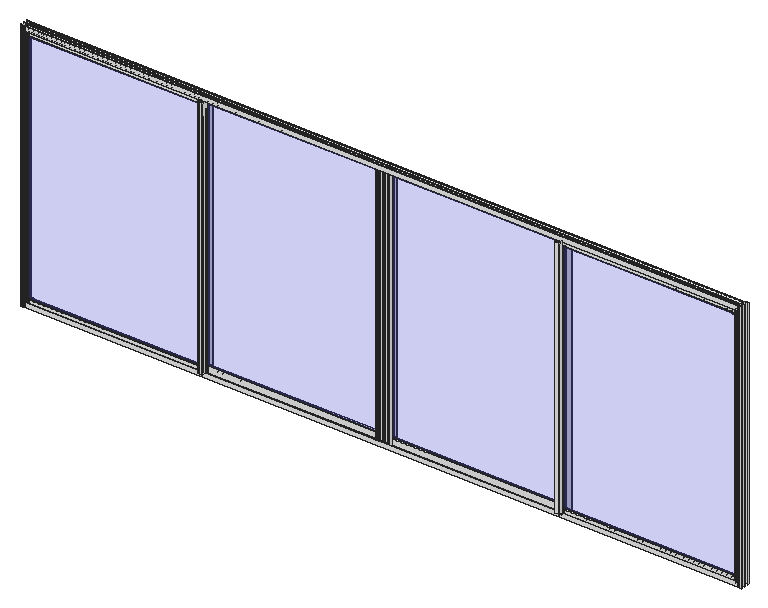
Revit family "700_OXXO_Standard", category Doors, host Wall, Revit 2014
Parameters (values of type "700-6021OXXO-1500Pa")
  Windload Design = if(Custom Windload < 1001 mm, 1000 mm, if(Custom Windload < 1501 mm, 1500 mm, 2000 mm))  # 1500 mm
  Width Sash Side [instance] = 1499.95 mm
  Width Sash Middle [instance] = 1499.95 mm
  Width = if(Custom Door Width < Limit Door Width Min, Limit Door Width Min, if(Custom Door Width > Limit Door Width Max, Limit Door Width Max, Custom Door Width))  # 5983 mm
  Wall Thickness [instance] = 200 mm
  URL = "http://www.crealco.co.za/crealco-products.php"
  Toughened Safety U Value = 6.03
  Toughened Safety SHGC Value = 0.758
  Thermal Resistance (R) [instance] = if(IGDB or SAGDB Number = 100100, 1.0000 (m²·K)/W / Intruderprufe U Value, if(IGDB or SAGDB Number = 103200, 1.0000 (m²·K)/W / Intruderprufe LowE U Value, if(IGDB or SAGDB Number = 1000016, 1.0000 (m²·K)/W / Toughened Safety U Value, 1.0000 (m²·K)/W / 7.9))) * 1  # 0.126582 (m²·K)/W
  Solar Heat Gain Coefficient [instance] = if(IGDB or SAGDB Number = 100100, Intruderprufe SHGC Value, if(IGDB or SAGDB Number = 103200, Intruderprufe LowE SHGC Value, if(IGDB or SAGDB Number = 1000016, Toughened Safety SHGC Value, 0)))  # 0
  Sash Width Middle = (Width - (20.7 mm * 2) - (2 * Sash Width Sides)) / 2 + 29.1 mm  # 1499.95 mm
  Sash Width Sides = if(Equal Sash Width, (Width - (2 mm * 20.7)) / 4 + (29.1 mm / 2), if(Custom Sash Width Side < Limit Sash Width Side Min, Limit Sash Width Side Min, if(Custom Sash Width Side > Limit Sash Width Side Max, Limit Sash Width Side Max, Custom Sash Width Side)))  # 1499.95 mm
  Sash Sliding Frame Seal = 5.1 mm  # constant formula
  Sash Height = Height - 22.2 mm - 20 mm  # 2047.8 mm
  Sash Frame Top Gap = 16 mm  # constant formula
  Sash Frame Side Gap = 10 mm  # constant formula
  Sash Frame Seal = 1.8 mm  # constant formula
  Overall Width [instance] = 5983 mm
  Overall Height [instance] = 2090 mm
  Model = "Series 700"  # constant formula
  Meeting Stile Configuration = if(Windload Design = 1000 mm, if(not(Width > 4190 mm), 1 mm, 2 mm), if(Windload Design = 1500 mm, 2 mm, 2 mm))  # 2 mm
  Max Pane Area = if(Area Middle Sash Glazing > Area Side Sash Glazing, Area Middle Sash Glazing, Area Side Sash Glazing)  # 2.84847 m²
  Manufacturer = "Crealco"  # constant formula
  Limit Door Width Min = (4 * Limit Sash Width Min) + (2 mm * 20.7) - (2 * 29.2 mm)  # 1183 mm
  Limit Door Width Max = if(Windload Design = 1000 mm, (4 * Limit Sash Width Max) + (2 mm * 20.7) - (2 * 29.2 mm), if(Windload Design = 1500 mm, (4 * Limit Sash Width Max) + (2 mm * 20.7) - (2 * 29.2 mm), 3590 mm))  # 5983 mm
  Limit Door Height Min = Limit Sash Height Min + (22.2 mm + 20 mm)  # 342.2 mm
  Limit Door Height Max = Limit Sash Height Max + (22.2 mm + 20 mm)  # 2142.2 mm
  Limit Sash Width Min = 300 mm  # constant formula
  Limit Sash Width Max = 1500 mm  # constant formula
  Limit Sash Width Side Min = if((Width - (2 mm * 20.7) - (2 * Limit Sash Width Max) + (2 * 29.2 mm)) / 2 < Limit Sash Width Min, Limit Sash Width Min, (Width - (2 mm * 20.7) - (2 * Limit Sash Width Max) + (2 * 29.2 mm)) / 2)  # 1500 mm
  Limit Sash Width Side Max = if((Width - (2 mm * 20.7) - (2 * Limit Sash Width Min) + (2 * 29.2 mm)) / 2 > Limit Sash Width Max, Limit Sash Width Max, (Width - (2 mm * 20.7) - (2 * Limit Sash Width Min) + (2 mm * 29.2)) / 2)  # 1500 mm
  Limit Sash Height Min = 300 mm  # constant formula
  Limit Sash Height Max = 2100 mm  # constant formula
  Intruderprufe U Value [instance] = 5.94
  Intruderprufe SHGC Value = 0.718
  Intruderprufe LowE U Value = 4.29
  Intruderprufe LowE SHGC Value = 0.633
  Interlock Configuration = if(Windload Design = 1000 mm, if(not(Width > 3990 mm), 2 mm, 3 mm), if(Windload Design = 1500 mm, 3 mm, 3 mm))  # 3 mm
  IGDB or SAGDB Number [instance] = 0
  Height Sash [instance] = 2047.8 mm
  Height = if(Custom Door Height < Limit Door Height Min, Limit Door Height Min, if(Custom Door Height > Limit Door Height Max, Limit Door Height Max, Custom Door Height))  # 2090 mm
  Heat Transfer Coefficient (U) [instance] = if(IGDB or SAGDB Number = 100100, Intruderprufe U Value, if(IGDB or SAGDB Number = 103200, Intruderprufe LowE U Value, if(IGDB or SAGDB Number = 1000016, Toughened Safety U Value, 7.9))) * 1.0000 W/(m²·K)  # 7.9000 W/(m²·K)
  Glazing Thickness [instance] = if(IGDB or SAGDB Number = 100100, 6 mm, if(IGDB or SAGDB Number = 103200, 7 mm, if(IGDB or SAGDB Number = 1000016, 5 mm, if(not(Max Pane Area > 0.75 m²), 4 mm, if(not(Max Pane Area > 1.50 m²), 4 mm, if(not(Max Pane Area > 2.10 m²), 5 mm, if(not(Max Pane Area > 2.90 m²), 6.4 mm, if(not(Max Pane Area > 4.30 m²), 8 mm, 10 mm))))))))  # 6.4 mm
  Glazing Material [instance] = if(IGDB or SAGDB Number = 100100, "PFG INTRUDERPRUFE 6.38mm", if(IGDB or SAGDB Number = 103200, "PFG INTRUDERPRUFE LOW-E 7.38mm", if(IGDB or SAGDB Number = 1000016, "PFG TOUGHENED SAFETY GLASS 5mm", "Unknown")))  # "Unknown"
  Glazing Finish [instance] = Glass
  Glazing Code [instance] = if(IGDB or SAGDB Number = 100100, "LAM01", if(IGDB or SAGDB Number = 103200, "LAM01E", if(IGDB or SAGDB Number = 1000016, "TSG5", "Unknown")))  # "Unknown"
  Frame Thickness = 71.9 mm  # constant formula
  Frame Offset From Exterior [instance] = Frame Thickness / 2  # 35.95 mm
  Equal Sash Width = 1 = 1  # yes
  Description = "Sliding door, OXXO"  # constant formula
  Default Sill Height = 0 mm  # constant formula
  Wall Closure = By host
  Custom Door Width = 5990 mm
  Custom Door Height = 2090 mm
  Custom Windload = 1500 mm
  Custom Sash Width Side = 800 mm
  Custom Frame Offset From Exterior = 0 mm
  Centered In Wall = 1 = 1  # yes
  Area Middle Sash Glazing = (Sash Width Middle - 52.3 mm - 19 mm) * (Sash Height - (41.5 mm * 2))  # 2.80701 m²
  Area Side Sash Glazing = (Sash Width Sides - 31.2 mm - 19 mm) * (Sash Height - (41.5 mm * 2))  # 2.84847 m²
  Aluminium Finish [instance] = White Powder Coated Aluminium ANP 1052
  All Available Glazing Numbers [instance] = "The rows below list the available glazing materials for this window:"  # constant formula
  103200 [instance] = "LAM01E"  # constant formula
  100100 [instance] = "LAM01"  # constant formula
  1000016 [instance] = "TSG5"  # constant formula
Reference planes
  plane 1 "Center (Front/Back)": y = 0
  plane 2 "Center (Left/Right)": x = 0
  plane 3 "Left": x = -2991.5
  plane 4 "Right": x = 2991.5
  plane 5 "Sill": z = 0
  plane 6 "Head": z = 2090
  plane 7 "Exterior": y = 100
  plane 8 "Interior": y = -100
Lines and regions (mm)
  Opening 1
    outline origin (3500, -100, 0) x (1, 0, 0) y (0, 0, 1)
      loop
        line (-508.5, 0) -> (-508.5, 2090) -> (-6491.5, 2090) -> (-6491.5, 0) -> (-508.5, 0)
Text (mm)
  text "EXTERIOR" at (-1963.203, 1332.353, 0), in view "Ref. Level"
  text "INTERIOR" at (-1981.466, -818.386, 0), in view "Ref. Level"
  text "Exterior" at (0, 923.751, 2943.296), in view "Right"
  text "Exterior" at (0, 1040.484, 2685.409), in view "Left"
Dimensions and locks
  equal spacing: plane 3 "Left", plane 2 "Center (Left/Right)", plane 4 "Right"
  "Width": plane 3 "Left" to plane 4 "Right"
  "Height": plane 5 "Sill" to plane 6 "Head"
  "Default Sill Height": plane 5 "Sill" to level
  locked: plane 7 "Exterior" to host wall at 0
  locked: plane 8 "Interior" to host wall
  "Overall Height": plane 6 "Head" to plane 5 "Sill"
  "Overall Width": plane 3 "Left" to plane 4 "Right"
  "Frame Offset From Exterior": host wall to nested 1
  "Sash Frame Side Gap": nested 1 to nested 2
  "Sash Frame Side Gap": nested 3 to nested 1
  "Sash Frame Seal": nested 1 to nested 3
  "Sash Frame Seal": nested 2 to nested 1
  "Sash Frame Top Gap": nested 3 to nested 1
  "Sash Frame Top Gap": nested 2 to nested 1
  "Sash Sliding Frame Seal": nested 4 to nested 1
  "Sash Frame Top Gap": nested 4 to nested 1
  "Sash Sliding Frame Seal": nested 1 to nested 5
  "Sash Frame Top Gap": nested 5 to nested 1
  "Width Sash Side": nested 3 to nested 3
  "Height Sash": nested 3 to nested 3
  "Width Sash Middle": nested 5 to nested 5
  "Wall Thickness": plane 8 "Interior" to plane 7 "Exterior"
  aligned and locked: plane 4 "Right" to nested 1
  aligned and locked: nested 1 to plane 6 "Head"
  aligned and locked: nested 4 to nested 2
  aligned and locked: nested 5 to nested 3
Automatic sketch dimensions
  plane 3 "Left" to Opening 1 sketch curve = 0 mm
  plane 4 "Right" to Opening 1 sketch curve = 0 mm
  Opening 1 sketch curve to plane 5 "Sill" = 0 mm
  Opening 1 sketch curve to plane 6 "Head" = 0 mm
Nested families
  nested 1: "700_Frame_OXXO_Std" at (3041.302, -120.988, -40) x (-1, 0, 0) z (0, 0, 1), Profile Material <- "Aluminium Finish", Width <- "Width", Height <- "Height", type "700_Frame_OXXO_Std"
    with Width 5983 mm, Profile Material White Powder Coated Aluminium ANP 1052, Length Jamb 2090 mm, Length Head & Sill 5921 mm, Height 2090 mm
  nested 2: "700_Sash_OXXO_Fixed_Std" at (-2970.8, -29.7, 20.046) x (-1, 0, 0) z (0, 0, 1), Profile Material <- "Aluminium Finish", Glazing Material <- "Glazing Finish", Interlock Configuration <- "Interlock Configuration", Sash Height <- "Sash Height", Sash Width <- "Sash Width Sides", Glazing Thickness <- "Glazing Thickness", type "700_Sash_OXXO_Fixed_Std"
    with Sash Width 1499.95 mm, Sash Height 2047.8 mm, Right Sliding no, Profile Material White Powder Coated Aluminium ANP 1052, Length Sash Head & Sill 1431.15 mm, Length Arrow Tip 141.348 mm, Length Arrow 466.45 mm, Left Sliding no, Is Sliding no, Is Heavy Duty Interlock no, Is Extra Heavy Duty Interlock yes, Interlock Configuration 3 mm, Glazing Width 1449.75 mm, Glazing Thickness 6.4 mm, Glazing Start -3.2 mm, Glazing Material Glass, Glazing Height 1964.8 mm, Glazing End 3.2 mm, Extra Heavy Duty Interlock Side Gap 1471.95 mm, Arrow Tip Length 141.348 mm, Arrow Left Gap 516.75 mm, Arrow Bottom Gap 1023.9 mm
  nested 3: "700_Sash_OXXO_Fixed_Std" at (2970.8, -29.7, 20.046), Profile Material <- "Aluminium Finish", Glazing Material <- "Glazing Finish", Interlock Configuration <- "Interlock Configuration", Sash Height <- "Sash Height", Sash Width <- "Sash Width Sides", Glazing Thickness <- "Glazing Thickness", type "700_Sash_OXXO_Fixed_Std"
    with Sash Width 1499.95 mm, Sash Height 2047.8 mm, Right Sliding no, Profile Material White Powder Coated Aluminium ANP 1052, Length Sash Head & Sill 1431.15 mm, Length Arrow Tip 141.348 mm, Length Arrow 466.45 mm, Left Sliding no, Is Sliding no, Is Heavy Duty Interlock no, Is Extra Heavy Duty Interlock yes, Interlock Configuration 3 mm, Glazing Width 1449.75 mm, Glazing Thickness 6.4 mm, Glazing Start -3.2 mm, Glazing Material Glass, Glazing Height 1964.8 mm, Glazing End 3.2 mm, Extra Heavy Duty Interlock Side Gap 1471.95 mm, Arrow Tip Length 141.348 mm, Arrow Left Gap 516.75 mm, Arrow Bottom Gap 1023.9 mm
  nested 4: "700_Sash_OXXO_Sliding_Female_Std" at (0, 29.45, 20.046), Profile Material <- "Aluminium Finish", Glazing Material <- "Glazing Finish", Meeting Stile Configuration <- "Meeting Stile Configuration", Interlock Configuration <- "Interlock Configuration", Glazing Thickness <- "Glazing Thickness", Sash Width <- "Sash Width Middle", Sash Height <- "Sash Height", type "700_Sash_OXXO_Sliding_Female_Std"
    with Sash Width 1499.95 mm, Sash Height 2047.8 mm, Right Sliding yes, Profile Material White Powder Coated Aluminium ANP 1052, Meeting Stile Configuration 2 mm, Length Sash Head & Sill 1411.65 mm, Length Arrow Tip 141.348 mm, Length Arrow 466.45 mm, Left Sliding no, Is Sliding yes, Is Heavy Duty Meeting Stile no, Is Heavy Duty Interlock no, Is Extra Heavy Duty Meeting Stile yes, Is Extra Heavy Duty Interlock yes, Interlock Configuration 3 mm, Glazing Width 1428.65 mm, Glazing Thickness 6.4 mm, Glazing Start -3.2 mm, Glazing Material Glass, Glazing Height 1964.8 mm, Glazing End 3.2 mm, Extra Heavy Duty Interlock Side Gap 1471.95 mm, Arrow Tip Length 141.348 mm, Arrow Left Gap 516.75 mm, Arrow Bottom Gap 1023.9 mm
  nested 5: "700_Sash_OXXO_Sliding_Male_Std" at (0, 29.45, 20.046) x (-1, 0, 0) z (0, 0, 1), Profile Material <- "Aluminium Finish", Glazing Material <- "Glazing Finish", Meeting Stile Configuration <- "Meeting Stile Configuration", Interlock Configuration <- "Interlock Configuration", Sash Width <- "Sash Width Middle", Sash Height <- "Sash Height", Glazing Thickness <- "Glazing Thickness", type "700_Sash_OXXO_Sliding_Male_Std"
    with Sash Width 1499.95 mm, Sash Height 2047.8 mm, Right Sliding yes, Profile Material White Powder Coated Aluminium ANP 1052, Meeting Stile Configuration 2 mm, Length Sash Head & Sill 1411.65 mm, Length Arrow Tip 141.348 mm, Length Arrow 466.45 mm, Left Sliding no, Is Sliding yes, Is Heavy Duty Meeting Stile no, Is Heavy Duty Interlock no, Is Extra Heavy Duty Meeting Stile yes, Is Extra Heavy Duty Interlock yes, Interlock Configuration 3 mm, Glazing Width 1428.65 mm, Glazing Thickness 6.4 mm, Glazing Start -3.2 mm, Glazing Material Glass, Glazing Height 1964.8 mm, Glazing End 3.2 mm, Extra Heavy Duty Interlock Side Gap 1471.95 mm, Arrow Tip Length 141.348 mm, Arrow Left Gap 516.75 mm, Arrow Bottom Gap 1023.9 mm
Definition of nested family "700_Frame_OXXO_Std"
  Parameters (values of type "700_Frame_OXXO")
    Width [instance] = 900 mm
    Profile Material [instance] = none
    Length Jamb [instance] = Height  # 600 mm
    Length Head & Sill [instance] = Width - 2 * 31 mm  # 838 mm
    Height [instance] = 600 mm
  Reference planes
    plane 1 "Center (Front/Back)": y = 0
    plane 2: z = 0
    plane 3 "Center (Left/Right)": x = 0
  Dimensions and locks
    aligned and locked: level to plane 2
    aligned and locked: nested 2 to nested 1
    aligned and locked: nested 1 to nested 2
    aligned and locked: nested 1 to nested 4  (x3)
    aligned and locked: nested 3 to nested 1
    aligned and locked: nested 3 to nested 4  (x2)
    aligned and locked: nested 2 to nested 3
  Nested families
    nested 1: "700_Frame_Sill" at (80.802, -161.631, 34.879), Length Frame Sill <- "Length Head & Sill", Profile Material <- "Profile Material", type "700_Frame_Sill"
      with Profile Material none, Length Frame Sill 838 mm
    nested 2: "700_Reversible_Frame_Jamb" at (912.326, -162.893, 40), Length Reversible Frame Jamb <- "Length Jamb", Profile Material <- "Profile Material", type "700_Reversible_Frame_Jamb"
      with Profile Material none, Length Reversible Frame Jamb 600 mm
    nested 3: "700_Frame_Head" at (80.802, -181.541, 579.794), Length Frame Head <- "Length Head & Sill", Profile Material <- "Profile Material", type "700_Frame_Head"
      with Profile Material none, Length Frame Head 838 mm
    nested 4: "700_Reversible_Frame_Jamb" at (87.279, -162.893, 40) x (-1, 0, 0) z (0, 0, 1), Length Reversible Frame Jamb <- "Length Jamb", Profile Material <- "Profile Material", type "700_Reversible_Frame_Jamb"
      with Profile Material none, Length Reversible Frame Jamb 600 mm
  Definition of nested family "700_Frame_Sill"
    Parameters (values of type "700_Frame_Sill")
      Profile Material [instance] = none
      Length Frame Sill [instance] = 250 mm
    Reference planes
      plane 1 "Center (Front/Back)": y = 0
      plane 2: z = 0
      plane 3 "Center (Left/Right)": x = 0
    Forms (mm)
      Extrusion 1, solid, material <- "Profile Material"
        sketch origin (0, 0, 0) x (0, 1, 0) y (0, 0, 1)
          loop
            line (10.093, 16.234) -> (40.143, 17.595) -> (40.143, 6.521) -> (39.103, 6.521) -> (39.103, 5.121) -> (42.483, 5.121) -> (42.483, 6.521) -> (41.443, 6.521) -> (41.443, 17.654) -> (74.493, 19.151) -> (74.493, 6.521) -> (69.193, 6.521) -> (69.193, 5.121) -> (75.793, 5.121) -> (75.793, 41.121) -> (72.193, 41.121) -> (72.193, 38.671) -> (73.193, 38.671) -> (73.193, 39.571) -> (74.393, 39.571) -> (74.393, 32.671) -> (73.193, 32.671) -> (73.193, 33.571) -> (72.193, 33.571) -> (72.193, 31.121) -> (74.393, 31.121) -> (74.393, 20.348) -> (58.843, 19.644) -> (58.843, 21.621) -> (60.943, 21.621)
            arc (60.943, 21.621) -> (57.943, 24.621) -> (54.943, 21.621) r 3
            line (54.943, 21.621) -> (57.043, 21.621) -> (57.043, 19.562) -> (24.543, 18.09) -> (24.543, 21.621) -> (26.643, 21.621)
            arc (26.643, 21.621) -> (23.643, 24.621) -> (20.643, 21.621) r 3
            line (20.643, 21.621) -> (22.743, 21.621) -> (22.743, 18.008) -> (7.702, 17.327)
            arc (7.702, 17.327) -> (6.44, 16.802) -> (5.81, 15.588) r 2
            line (5.81, 15.588) -> (7.111, 15.588)
            arc (7.111, 15.588) -> (7.346, 15.967) -> (7.761, 16.128) r 0.7
            line (7.761, 16.128) -> (8.793, 16.175) -> (8.793, 5.121) -> (12.393, 5.121) -> (12.393, 6.521) -> (10.093, 6.521) -> (10.093, 16.234)
        from 0 to 250 <- "Length Frame Sill"
    Dimensions and locks
      aligned and locked: level to plane 2
  Definition of nested family "700_Reversible_Frame_Jamb"
    Parameters (values of type "700_Reversible_Frame_Jamb")
      Profile Material [instance] = none
      Length Reversible Frame Jamb [instance] = 250 mm
    Reference planes
      plane 1 "Center (Front/Back)": y = 0
      plane 2: z = 0
      plane 3 "Center (Left/Right)": x = 0
    Forms (mm)
      Extrusion 1, solid, material <- "Profile Material"
        sketch origin (0, 0, 0) x (1, 0, 0) y (0, 1, 0)
          loop
            line (36.076, 13.705) -> (36.076, 7.355) -> (7.676, 7.355) -> (7.676, 41.205) -> (15.976, 41.205)
            arc (15.976, 41.205) -> (16.33, 41.351) -> (16.476, 41.705) r 0.5
            line (16.476, 41.705) -> (16.476, 43.405) -> (26.776, 43.405) -> (26.776, 41.205) -> (36.076, 41.205) -> (36.076, 40.215) -> (37.476, 40.215) -> (37.476, 43.595) -> (36.076, 43.595) -> (36.076, 42.605) -> (27.976, 42.605) -> (27.976, 76.455) -> (36.076, 76.455) -> (36.076, 70.105) -> (37.476, 70.105) -> (37.476, 77.855) -> (5.659, 77.855) -> (5.659, 77.055) -> (6.476, 77.055) -> (6.476, 74.305)
            arc (6.476, 74.305) -> (6.769, 73.598) -> (7.476, 73.305) r 1
            line (7.476, 73.305) -> (8.926, 73.305) -> (8.926, 74.305) -> (8.026, 74.305) -> (8.026, 75.505) -> (9.226, 75.505) -> (9.226, 76.355) -> (13.726, 76.355) -> (13.726, 75.505) -> (14.926, 75.505) -> (14.926, 74.305) -> (14.026, 74.305) -> (14.026, 73.305) -> (16.476, 73.305) -> (16.476, 76.455) -> (26.776, 76.455) -> (26.776, 44.805) -> (14.026, 44.805) -> (14.026, 43.805) -> (14.926, 43.805) -> (14.926, 42.605) -> (8.026, 42.605) -> (8.026, 43.805) -> (8.926, 43.805) -> (8.926, 44.805) -> (7.476, 44.805)
            arc (7.476, 44.805) -> (6.769, 44.512) -> (6.476, 43.805) r 1
            line (6.476, 43.805) -> (6.476, 6.755) -> (5.656, 6.755) -> (5.656, 5.955) -> (37.476, 5.955) -> (37.476, 13.705) -> (36.076, 13.705)
        from 0 to 250 <- "Length Reversible Frame Jamb"
    Dimensions and locks
      aligned and locked: level to plane 2
  Definition of nested family "700_Frame_Head"
    Parameters (values of type "700_Frame_Head")
      Profile Material [instance] = none
      Length Frame Head [instance] = 250 mm
    Reference planes
      plane 1 "Center (Front/Back)": y = 0
      plane 2: z = 0
      plane 3 "Center (Left/Right)": x = 0
    Forms (mm)
      Extrusion 1, solid, material <- "Profile Material"
        sketch origin (0, 0, 0) x (0, 1, 0) y (0, 0, 1)
          loop
            line (60.002, 52.553) -> (60.002, 33.726) -> (57.802, 33.726) -> (57.802, 31.276) -> (58.802, 31.276) -> (58.802, 32.176) -> (60.002, 32.176) -> (60.002, 25.276) -> (58.802, 25.276) -> (58.802, 26.176) -> (57.802, 26.176) -> (57.802, 23.726) -> (63.602, 23.726) -> (63.602, 26.176) -> (62.602, 26.176) -> (62.602, 25.276) -> (61.402, 25.276) -> (61.402, 32.176) -> (62.602, 32.176) -> (62.602, 31.276) -> (63.602, 31.276) -> (63.602, 33.726) -> (61.402, 33.726) -> (61.402, 52.553)
            arc (61.402, 52.553) -> (61.842, 53.613) -> (62.902, 54.053) r 1.5
            line (62.902, 54.053) -> (92.802, 54.053)
            arc (92.802, 54.053) -> (93.863, 53.613) -> (94.302, 52.553) r 1.5
            line (94.302, 52.553) -> (94.302, 33.726) -> (92.102, 33.726) -> (92.102, 31.276) -> (93.102, 31.276) -> (93.102, 32.176) -> (94.302, 32.176) -> (94.302, 25.276) -> (93.102, 25.276) -> (93.102, 26.176) -> (92.102, 26.176) -> (92.102, 23.726) -> (95.702, 23.726) -> (95.702, 60.206) -> (88.902, 60.206) -> (88.902, 58.806) -> (94.302, 58.806) -> (94.302, 55.453) -> (61.402, 55.453) -> (61.402, 58.806) -> (62.392, 58.806) -> (62.392, 60.206) -> (59.012, 60.206) -> (59.012, 58.806) -> (60.002, 58.806) -> (60.002, 55.453) -> (27.102, 55.453) -> (27.102, 58.806) -> (32.502, 58.806) -> (32.502, 60.206) -> (25.702, 60.206) -> (25.702, 23.726) -> (29.302, 23.726) -> (29.302, 26.176) -> (28.302, 26.176) -> (28.302, 25.276) -> (27.102, 25.276) -> (27.102, 32.176) -> (28.302, 32.176) -> (28.302, 31.276) -> (29.302, 31.276) -> (29.302, 33.726) -> (27.102, 33.726) -> (27.102, 52.553)
            arc (27.102, 52.553) -> (27.542, 53.613) -> (28.602, 54.053) r 1.5
            line (28.602, 54.053) -> (58.502, 54.053)
            arc (58.502, 54.053) -> (59.563, 53.613) -> (60.002, 52.553) r 1.5
        from 0 to 250 <- "Length Frame Head"
    Dimensions and locks
      aligned and locked: level to plane 2
Definition of nested family "700_Sash_OXXO_Fixed_Std"
  Parameters (values of type "700_Sash_OXXO_Fixed")
    Is Heavy Duty Interlock [instance] = if(Interlock Configuration = 2 mm, 1 = 1, 1 = 0)  # yes
    Is Extra Heavy Duty Interlock [instance] = if(Interlock Configuration = 3 mm, 1 = 1, 1 = 0)  # no
    Interlock Configuration [instance] = 2 mm
    Head & Sill Front Back Gap = 0.9 mm  # constant formula
    Sash Width [instance] = 600 mm
    Sash Height [instance] = 600 mm
    Right Sliding [instance] = yes
    Profile Material [instance] = White Powder Coated Aluminium ANP 1052
    Middle of Glazing = 25 mm / 2  # 12.5 mm
    Length Sash Head & Sill [instance] = Sash Width - 28 mm - 40.8 mm  # 531.2 mm
    Length Arrow Tip [instance] = Length Arrow / 3.3  # 50.444 mm
    Length Arrow [instance] = (Sash Width - (2 * 50.3 mm)) / 3  # 166.467 mm
    Left Sliding [instance] = yes
    Is Sliding [instance] = if(or(Right Sliding, Left Sliding), 1 = 1, 1 = 2)  # yes
    Head & Sill Side Gap = 40.8 mm  # constant formula
    Glazing Width [instance] = Sash Width - 31.2 mm - 19 mm  # 549.8 mm
    Glazing Thickness [instance] = 6.4 mm
    Glazing Start [instance] = -Glazing Thickness / 2  # -3.2 mm
    Glazing Material [instance] = Glass
    Glazing Height [instance] = Sash Height - (2 mm * 41.5)  # 517 mm
    Glazing End [instance] = Glazing Thickness / 2  # 3.2 mm
    Glazing Edge Jamb Gap = 31.2 mm  # constant formula
    Glazing Edge Bottom and Top Gap = 41.5 mm  # constant formula
    Extra Heavy Duty Interlock Side Gap [instance] = Sash Width - 28 mm  # 572 mm
    Arrow Tip Length [instance] = if((Sash Height - (2 * 50.3 mm)) / 8 > Length Arrow / 3.3, Length Arrow / 3.3, (Sash Height - (2 * 50.3 mm)) / 8)  # 50.444 mm
    Arrow Tip Angle = 45.00°  # constant formula
    Arrow Left Gap [instance] = (Sash Width - Length Arrow) / 2  # 216.767 mm
    Arrow Bottom Gap [instance] = Sash Height / 2  # 300 mm
  Reference planes
    plane 1 "Center (Front/Back)": y = 0
    plane 2: z = 0
    plane 3 "Center (Left/Right)": x = 0
    plane 4: y = -12.5
  Forms (mm)
    Extrusion 1, solid, material "Glass" <- "Glazing Material"
      sketch origin (-1127.187, -12.5, 1197.5) x (-1, 0, 0) y (0, 0, 1)
        loop
          line (-546.187, -639) -> (-1095.987, -639) -> (-1095.987, -1156) -> (-546.187, -1156) -> (-546.187, -639)
      from -3.2 <- "Glazing Start" to 3.2 <- "Glazing End"
  Lines and regions (mm)
    model lines, visible <- "Is Sliding"
      curve 1: line (-383.233, -15.7, 300) -> (-216.767, -15.7, 300)
    model lines, visible <- "Left Sliding"
      curve 2: line (-216.767, -15.7, 300) -> (-252.436, -15.7, 335.67)
      curve 3: line (-216.767, -15.7, 300) -> (-252.436, -15.7, 264.33)
    model lines, visible <- "Right Sliding"
      curve 4: line (-383.233, -15.7, 300) -> (-347.564, -15.7, 335.67)
      curve 5: line (-383.233, -15.7, 300) -> (-347.564, -15.7, 264.33)
  Dimensions and locks
    "Length Arrow": curve 1 to curve 1
    "Arrow Left Gap": plane 3 "Center (Left/Right)" to curve 1
    "Arrow Bottom Gap": level to curve 1
    "Arrow Tip Length": curve 3 to curve 2
    "Arrow Tip Length": curve 3 to curve 3
    "Length Arrow Tip": curve 5 to curve 5
    "Length Arrow Tip": curve 5 to curve 4
    "Middle of Glazing": plane 4 to plane 1 "Center (Front/Back)"
    "Sash Height": nested 2 to plane 2
    "Head & Sill Side Gap": plane 3 "Center (Left/Right)" to nested 2
    "Head & Sill Side Gap": plane 3 "Center (Left/Right)" to nested 3
    "Sash Width": nested 4 to plane 3 "Center (Left/Right)"
    "Head & Sill Front Back Gap": nested 3 to plane 1 "Center (Front/Back)"
    "Head & Sill Front Back Gap": nested 2 to plane 1 "Center (Front/Back)"
    "Glazing Edge Jamb Gap": Extrusion 1 to plane 3 "Center (Left/Right)"
    "Glazing Width": Extrusion 1 to Extrusion 1
    "Glazing Height": Extrusion 1 to Extrusion 1
    "Glazing Edge Bottom and Top Gap": Extrusion 1 to plane 2
    "Extra Heavy Duty Interlock Side Gap": nested 5 to plane 3 "Center (Left/Right)"
    "Arrow Tip Angle": angle curve 3 to curve 1
    "Arrow Tip Angle": angle curve 1 to curve 2
    "Arrow Tip Angle": angle curve 4 to curve 1
    "Arrow Tip Angle": angle curve 1 to curve 5
    aligned and locked: level to plane 2
    aligned and locked: plane 1 "Center (Front/Back)" to nested 4
    aligned and locked: nested 1 to plane 2
    aligned and locked: plane 3 "Center (Left/Right)" to nested 1
    aligned and locked: nested 3 to level
    aligned and locked: nested 1 to plane 1 "Center (Front/Back)"
    aligned and locked: plane 2 to nested 4
    aligned and locked: plane 1 "Center (Front/Back)" to nested 5
    aligned and locked: plane 2 to nested 5
  Automatic sketch dimensions
    Extrusion 1 sketch curve to plane 3 "Center (Left/Right)" = 31.2 mm
    level to Extrusion 1 sketch curve = 41.5 mm
    Extrusion 1 sketch curve to Extrusion 1 sketch curve = 549.8 mm
    Extrusion 1 sketch curve to Extrusion 1 sketch curve = 517 mm
  Nested families
    nested 1: "700_Fixed_Stile" at (3.94, -31.021, 0) x (0, 1, 0) z (0, 0, 1), Profile Material <- "Profile Material", Length Fixed Stile <- "Sash Height", type "700_Fixed_Stile"
      with Profile Material White Powder Coated Aluminium ANP 1052, Length Fixed Stile 600 mm
    nested 2: "700_Sash_Head_Rail" at (-572, -30.849, 492.975), Profile Material <- "Profile Material", Length Sash Head & Sill Rail <- "Length Sash Head & Sill", type "700_Sash_Head_Rail"
      with Profile Material White Powder Coated Aluminium ANP 1052, Length Sash Head & Sill Rail 531.2 mm
    nested 3: "700_Sash_Sill_Rail" at (-572, -30.849, -7.025), Profile Material <- "Profile Material", Length Sash Head & Sill Rail <- "Length Sash Head & Sill", type "700_Sash_Sill_Rail"
      with Profile Material White Powder Coated Aluminium ANP 1052, Length Sash Head & Sill Rail 531.2 mm
    nested 4: "700_Heavy_Duty_Interlock" at (-604.214, -36.241, 0) x (0, 1, 0) z (0, 0, 1), Profile Material <- "Profile Material", Length Heavu Duty Interlocker <- "Sash Height", visible <- "Is Heavy Duty Interlock", type "700_Heavy_Duty_Interlock"
      with Profile Material White Powder Coated Aluminium ANP 1052, Length Heavu Duty Interlocker 600 mm
    nested 5: "700_Extra_Heavy_Duty_Interlock" at (-566.986, -36.132, 0) x (-1, 0, 0) z (0, 0, 1), Profile Material <- "Profile Material", Length Extra Heavy Duty Interlock <- "Sash Height", visible <- "Is Extra Heavy Duty Interlock", type "700_Extra_Heavy_Duty_Interlock"
      with Profile Material White Powder Coated Aluminium ANP 1052, Length Extra Heavy Duty Interlock 600 mm
  Definition of nested family "700_Fixed_Stile"
    Parameters (values of type "700_Fixed_Stile")
      Profile Material [instance] = none
      Length Fixed Stile [instance] = 250 mm
    Reference planes
      plane 1 "Center (Front/Back)": y = 0
      plane 2: z = 0
      plane 3 "Center (Left/Right)": x = 0
    Forms (mm)
      Extrusion 1, solid, material <- "Profile Material"
        sketch origin (0, 0, 0) x (1, 0, 0) y (0, 1, 0)
          loop
            line (11.229, 43.34) -> (12.338, 39.2)
            arc (12.338, 39.2) -> (12.994, 38.744) -> (13.521, 39.345) r 0.6
            line (13.521, 39.345) -> (13.521, 44.74) -> (6.821, 44.74) -> (6.821, 45.54) -> (6.021, 45.54) -> (6.021, 3.94) -> (7.421, 3.94) -> (7.421, 28.74) -> (29.621, 28.74) -> (29.621, 3.94) -> (31.021, 3.94) -> (31.021, 45.54) -> (30.221, 45.54) -> (30.221, 44.74) -> (23.521, 44.74) -> (23.521, 39.345)
            arc (23.521, 39.345) -> (24.049, 38.744) -> (24.705, 39.2) r 0.6
            line (24.705, 39.2) -> (25.814, 43.34) -> (29.621, 43.34) -> (29.621, 30.14) -> (7.421, 30.14) -> (7.421, 43.34) -> (11.229, 43.34)
        from 0 to 250 <- "Length Fixed Stile"
    Dimensions and locks
      aligned and locked: level to plane 2
  Definition of nested family "700_Sash_Head_Rail"
    Parameters (values of type "700_Sash_Head_Rail")
      Profile Material [instance] = none
      Length Sash Head & Sill Rail [instance] = 250 mm
    Reference planes
      plane 1 "Center (Front/Back)": y = 0
      plane 2: z = 0
      plane 3 "Center (Left/Right)": x = 0
    Forms (mm)
      Extrusion 1, solid, material <- "Profile Material"
        sketch origin (0, 0, 0) x (0, 1, 0) y (0, 0, 1)
          loop
            line (24.799, 62.725) -> (23.399, 62.725) -> (23.399, 57.025) -> (26.819, 57.025)
            arc (26.819, 57.025) -> (27.319, 57.159) -> (27.685, 57.525) r 1
            line (27.685, 57.525) -> (29.949, 61.447) -> (29.949, 107.025) -> (28.549, 107.025) -> (28.549, 71.925) -> (8.249, 71.925) -> (8.249, 107.025) -> (6.849, 107.025) -> (6.849, 61.447) -> (9.114, 57.525)
            arc (9.114, 57.525) -> (9.48, 57.159) -> (9.98, 57.025) r 1
            line (9.98, 57.025) -> (13.399, 57.025) -> (13.399, 62.725) -> (11.999, 62.725) -> (11.999, 58.425) -> (10.209, 58.425) -> (8.249, 61.903) -> (8.249, 70.525) -> (28.549, 70.525) -> (28.509, 61.753) -> (26.588, 58.425) -> (24.799, 58.425) -> (24.799, 62.725)
        from 0 to 250 <- "Length Sash Head & Sill Rail"
    Dimensions and locks
      aligned and locked: level to plane 2
  Definition of nested family "700_Sash_Sill_Rail"
    Parameters (values of type "700_Sash_Sill_Rail")
      Profile Material [instance] = none
      Length Sash Head & Sill Rail [instance] = 250 mm
    Reference planes
      plane 1 "Center (Front/Back)": y = 0
      plane 2: z = 0
      plane 3 "Center (Left/Right)": x = 0
    Forms (mm)
      Extrusion 1, solid, material <- "Profile Material"
        sketch origin (0, 0, 0) x (0, 1, 0) y (0, 0, 1)
          loop
            line (24.799, 51.325) -> (24.799, 55.625) -> (26.588, 55.625) -> (28.509, 52.298) -> (28.549, 43.525) -> (8.249, 43.525) -> (8.249, 52.148) -> (10.209, 55.625) -> (11.999, 55.625) -> (11.999, 51.325) -> (13.399, 51.325) -> (13.399, 57.025) -> (9.98, 57.025)
            arc (9.98, 57.025) -> (9.48, 56.891) -> (9.114, 56.525) r 1
            line (9.114, 56.525) -> (6.849, 52.603) -> (6.849, 7.025) -> (8.249, 7.025) -> (8.249, 42.125) -> (28.549, 42.125) -> (28.549, 7.025) -> (29.949, 7.025) -> (29.949, 52.603) -> (27.685, 56.525)
            arc (27.685, 56.525) -> (27.319, 56.891) -> (26.819, 57.025) r 1
            line (26.819, 57.025) -> (23.399, 57.025) -> (23.399, 51.325) -> (24.799, 51.325)
        from 0 to 250 <- "Length Sash Head & Sill Rail"
    Dimensions and locks
      aligned and locked: level to plane 2
  Definition of nested family "700_Heavy_Duty_Interlock"
    Parameters (values of type "700_Heavy_Duty_Interlock")
      Profile Material [instance] = none
      Length Heavu Duty Interlocker [instance] = 250 mm
    Reference planes
      plane 1 "Center (Front/Back)": y = 0
      plane 2: z = 0
      plane 3 "Center (Left/Right)": x = 0
    Forms (mm)
      Extrusion 1, solid, material <- "Profile Material"
        sketch origin (0, 0, 0) x (1, 0, 0) y (0, 1, 0)
          loop
            line (13.041, 13.614) -> (13.041, 7.114)
            arc (13.041, 7.114) -> (13.481, 6.054) -> (14.541, 5.614) r 1.5
            line (14.541, 5.614) -> (62.241, 5.614) -> (62.241, 16.814) -> (14.841, 16.814) -> (14.841, 13.614) -> (13.041, 13.614)
          loop
            line (14.241, 4.214) -> (63.241, 4.214)
            arc (63.241, 4.214) -> (65.363, 5.093) -> (66.241, 7.214) r 3
            line (66.241, 7.214) -> (66.241, 15.214)
            arc (66.241, 15.214) -> (65.363, 17.336) -> (63.241, 18.214) r 3
            line (63.241, 18.214) -> (36.241, 18.214) -> (36.241, 33.314) -> (35.441, 33.314) -> (35.441, 32.214) -> (28.741, 32.214) -> (28.741, 26.823)
            arc (28.741, 26.823) -> (29.259, 26.22) -> (29.921, 26.659) r 0.6
            line (29.921, 26.659) -> (31.034, 30.814) -> (34.241, 30.814) -> (34.241, 18.214) -> (14.841, 18.214) -> (14.841, 23.914) -> (13.041, 23.914) -> (13.041, 30.814) -> (16.448, 30.814) -> (17.562, 26.659)
            arc (17.562, 26.659) -> (18.224, 26.22) -> (18.741, 26.823) r 0.6
            line (18.741, 26.823) -> (18.741, 32.214) -> (12.041, 32.214) -> (12.041, 33.314) -> (11.241, 33.314) -> (11.241, 21.014) -> (12.241, 21.014) -> (12.241, 22.214) -> (13.441, 22.214) -> (13.441, 15.314) -> (12.241, 15.314) -> (12.241, 16.514) -> (11.241, 16.514) -> (11.241, 11.764) -> (6.241, 11.764)
            arc (6.241, 11.764) -> (5.888, 11.911) -> (5.741, 12.264) r 0.5
            line (5.741, 12.264) -> (5.741, 15.764)
            arc (5.741, 15.764) -> (5.888, 16.118) -> (6.241, 16.264) r 0.5
            line (6.241, 16.264) -> (7.171, 16.264) -> (5.327, 23.885)
            arc (5.327, 23.885) -> (4.781, 24.26) -> (4.341, 23.765) r 0.5
            line (4.341, 23.765) -> (4.341, 11.864)
            arc (4.341, 11.864) -> (4.781, 10.804) -> (5.841, 10.364) r 1.5
            line (5.841, 10.364) -> (11.241, 10.364) -> (11.241, 7.214)
            arc (11.241, 7.214) -> (12.12, 5.093) -> (14.241, 4.214) r 3
        from 0 to 250 <- "Length Heavu Duty Interlocker"
      Extrusion 2, void
        sketch origin (63.241, 18.214, 0) x (1, 0, 0) y (0, 0, 1)
          loop
            line (-27, 250) -> (-27, 235.7) -> (8, 235.7) -> (8, 250) -> (-27, 250)
          loop
            line (-27, 0) -> (3, 0) -> (3, 16) -> (-27, 16) -> (-27, 0)
        from 0 to 250
    Cuts and joins
      Extrusion 2 cuts Extrusion 1
    Dimensions and locks
      locked: Extrusion 2 sketch curve to Extrusion 2 sketch curve at 14.3
      locked: Extrusion 2 sketch curve to Extrusion 2 sketch curve at 16
      aligned and locked: level to plane 2
      aligned and locked: Extrusion 1 to Extrusion 2 sketch curve
      aligned and locked: Extrusion 2 sketch curve to Extrusion 1
      aligned and locked: Extrusion 2 sketch curve to cut or joined group of Extrusion 1, Extrusion 2
      aligned and locked: cut or joined group of Extrusion 1, Extrusion 2 to Extrusion 2 sketch curve
  Definition of nested family "700_Extra_Heavy_Duty_Interlock"
    Parameters (values of type "700_Extra_Heavy_Duty_Interlock")
      Profile Material [instance] = none
      Length Extra Heavy Duty Interlock [instance] = 250 mm
    Reference planes
      plane 1 "Center (Front/Back)": y = 0
      plane 2: z = 0
      plane 3 "Center (Left/Right)": x = 0
    Forms (mm)
      Extrusion 1, solid, material <- "Profile Material"
        sketch origin (0, 0, 0) x (1, 0, 0) y (0, 1, 0)
          loop
            line (6.414, 16.339) -> (10.57, 17.452)
            arc (10.57, 17.452) -> (11.009, 18.114) -> (10.406, 18.631) r 0.6
            line (10.406, 18.631) -> (5.014, 18.631) -> (5.014, 11.932) -> (3.914, 11.932) -> (3.914, 11.132) -> (15.714, 11.132)
            arc (15.714, 11.132) -> (16.214, 11.632) -> (15.714, 12.132) r 0.5
            line (15.714, 12.132) -> (14.914, 12.132) -> (14.914, 13.332) -> (22.014, 13.332) -> (22.014, 12.132) -> (21.214, 12.132)
            arc (21.214, 12.132) -> (20.714, 11.632) -> (21.214, 11.132) r 0.5
            line (21.214, 11.132) -> (24.864, 11.132) -> (24.864, 9.98)
            arc (24.864, 9.98) -> (23.986, 7.858) -> (21.864, 6.98) r 3
            line (21.864, 6.98) -> (20.665, 6.98) -> (13.344, 5.217)
            arc (13.344, 5.217) -> (12.968, 4.671) -> (13.464, 4.232) r 0.5
            line (13.464, 4.232) -> (25.364, 4.232)
            arc (25.364, 4.232) -> (26.425, 4.671) -> (26.864, 5.732) r 1.5
            line (26.864, 5.732) -> (26.864, 11.132) -> (39.914, 11.132)
            arc (39.914, 11.132) -> (42.036, 12.01) -> (42.914, 14.132) r 3
            line (42.914, 14.132) -> (42.914, 63.132)
            arc (42.914, 63.132) -> (42.036, 65.253) -> (39.914, 66.132) r 3
            line (39.914, 66.132) -> (6.914, 66.132)
            arc (6.914, 66.132) -> (4.793, 65.253) -> (3.914, 63.132) r 3
            line (3.914, 63.132) -> (3.914, 35.332) -> (5.014, 35.332) -> (5.014, 28.632) -> (10.406, 28.632)
            arc (10.406, 28.632) -> (11.009, 29.149) -> (10.57, 29.811) r 0.6
            line (10.57, 29.811) -> (6.414, 30.924) -> (6.414, 34.132) -> (19.014, 34.132) -> (19.014, 14.732) -> (13.314, 14.732) -> (13.314, 12.932) -> (6.414, 12.932) -> (6.414, 16.339)
          loop
            line (37.914, 62.132) -> (8.914, 62.132)
            arc (8.914, 62.132) -> (6.793, 61.253) -> (5.914, 59.132) r 3
            line (5.914, 59.132) -> (5.914, 36.132) -> (40.914, 36.132) -> (40.914, 59.132)
            arc (40.914, 59.132) -> (40.036, 61.253) -> (37.914, 62.132) r 3
          loop
            line (23.415, 14.732) -> (37.914, 14.732)
            arc (37.914, 14.732) -> (40.036, 15.61) -> (40.914, 17.732) r 3
            line (40.914, 17.732) -> (40.914, 34.132) -> (20.415, 34.132) -> (20.415, 17.732)
            arc (20.415, 17.732) -> (21.294, 15.61) -> (23.415, 14.732) r 3
        from 0 to 250 <- "Length Extra Heavy Duty Interlock"
      Extrusion 2, void
        sketch origin (3.914, 63.132, 0) x (0, 1, 0) y (0, 0, 1)
          loop
            line (-27.8, 250) -> (-27.8, 235.7) -> (7.2, 235.7) -> (7.2, 250) -> (-27.8, 250)
          loop
            line (-27.8, 0) -> (4.737, 0) -> (4.737, 16) -> (-27.8, 16) -> (-27.8, 0)
        from 0 to 250
    Cuts and joins
      Extrusion 2 cuts Extrusion 1
    Dimensions and locks
      locked: Extrusion 1 to Extrusion 2 sketch curve at 14.3
      locked: Extrusion 2 sketch curve to Extrusion 2 sketch curve at 16
      aligned and locked: level to plane 2
      aligned and locked: Extrusion 2 sketch curve to Extrusion 1  (x2)
      aligned and locked: cut or joined group of Extrusion 1, Extrusion 2 to Extrusion 2 sketch curve  (x2)
Definition of nested family "700_Sash_OXXO_Sliding_Female_Std"
  Parameters (values of type "700_Sash_OXXO_Sliding_Female")
    Meeting Stile Configuration [instance] = 1 mm
    Is Heavy Duty Meeting Stile [instance] = if(Meeting Stile Configuration = 1 mm, 1 = 1, 1 = 0)  # yes
    Is Heavy Duty Interlock [instance] = if(Interlock Configuration = 2 mm, 1 = 1, 1 = 0)  # yes
    Is Extra Heavy Duty Meeting Stile [instance] = if(Meeting Stile Configuration = 2 mm, 1 = 1, 1 = 0)  # no
    Is Extra Heavy Duty Interlock [instance] = if(Interlock Configuration = 3 mm, 1 = 1, 1 = 0)  # no
    Interlock Configuration [instance] = 2 mm
    Head & Sill Front Back Gap = 0.9 mm  # constant formula
    Sash Width [instance] = 900 mm
    Sash Height [instance] = 1200 mm
    Right Sliding [instance] = yes
    Profile Material [instance] = White Powder Coated Aluminium ANP 1052
    Middle of Glazing = 25 mm / 2  # 12.5 mm
    Length Sash Head & Sill [instance] = Sash Width - 28 mm - 60.3 mm  # 811.7 mm
    Length Arrow Tip [instance] = Length Arrow / 3.3  # 80.747 mm
    Length Arrow [instance] = (Sash Width - (2 * 50.3 mm)) / 3  # 266.467 mm
    Left Sliding [instance] = yes
    Is Sliding [instance] = if(or(Right Sliding, Left Sliding), 1 = 1, 1 = 2)  # yes
    Head & Sill Side Gap = 60.3 mm  # constant formula
    Glazing Width [instance] = Sash Width - 52.3 mm - 19 mm  # 828.7 mm
    Glazing Thickness [instance] = 6.4 mm
    Glazing Start [instance] = -Glazing Thickness / 2  # -3.2 mm
    Glazing Material [instance] = Glass
    Glazing Height [instance] = Sash Height - (2 mm * 41.5)  # 1117 mm
    Glazing End [instance] = Glazing Thickness / 2  # 3.2 mm
    Glazing Edge Jamb Gap = 52.3 mm  # constant formula
    Glazing Edge Bottom and Top Gap = 41.5 mm  # constant formula
    Extra Heavy Duty Interlock Side Gap [instance] = Sash Width - 28 mm  # 872 mm
    Arrow Tip Length [instance] = if((Sash Height - (2 * 50.3 mm)) / 8 > Length Arrow / 3.3, Length Arrow / 3.3, (Sash Height - (2 * 50.3 mm)) / 8)  # 80.747 mm
    Arrow Tip Angle = 45.00°  # constant formula
    Arrow Left Gap [instance] = (Sash Width - Length Arrow) / 2  # 316.767 mm
    Arrow Bottom Gap [instance] = Sash Height / 2  # 600 mm
  Reference planes
    plane 1 "Center (Front/Back)": y = 0
    plane 2: z = 0
    plane 3 "Center (Left/Right)": x = 0
    plane 4: y = -12.5
  Forms (mm)
    Extrusion 1, solid, material "Glass" <- "Glazing Material"
      sketch origin (-1127.187, -12.5, 1197.5) x (-1, 0, 0) y (0, 0, 1)
        loop
          line (-246.187, -39) -> (-1074.887, -39) -> (-1074.887, -1156) -> (-246.187, -1156) -> (-246.187, -39)
      from -3.2 <- "Glazing Start" to 3.2 <- "Glazing End"
  Lines and regions (mm)
    model lines, visible <- "Is Sliding"
      curve 1: line (-583.233, -9.3, 600) -> (-316.767, -9.3, 600)
    model lines, visible <- "Left Sliding"
      curve 2: line (-316.767, -9.3, 600) -> (-373.864, -9.3, 657.097)
      curve 3: line (-316.767, -9.3, 600) -> (-373.864, -9.3, 542.903)
    model lines, visible <- "Right Sliding"
      curve 4: line (-583.233, -9.3, 600) -> (-526.136, -9.3, 657.097)
      curve 5: line (-583.233, -9.3, 600) -> (-526.136, -9.3, 542.903)
  Dimensions and locks
    "Length Arrow": curve 1 to curve 1
    "Arrow Left Gap": plane 3 "Center (Left/Right)" to curve 1
    "Arrow Bottom Gap": level to curve 1
    "Arrow Tip Length": curve 3 to curve 2
    "Arrow Tip Length": curve 3 to curve 3
    "Length Arrow Tip": curve 5 to curve 5
    "Length Arrow Tip": curve 5 to curve 4
    "Middle of Glazing": plane 4 to plane 1 "Center (Front/Back)"
    "Sash Height": nested 1 to plane 2
    "Head & Sill Side Gap": plane 3 "Center (Left/Right)" to nested 1
    "Head & Sill Side Gap": plane 3 "Center (Left/Right)" to nested 2
    "Sash Width": nested 3 to plane 3 "Center (Left/Right)"
    "Head & Sill Front Back Gap": nested 2 to plane 1 "Center (Front/Back)"
    "Head & Sill Front Back Gap": nested 1 to plane 1 "Center (Front/Back)"
    "Glazing Edge Jamb Gap": Extrusion 1 to plane 3 "Center (Left/Right)"
    "Glazing Width": Extrusion 1 to Extrusion 1
    "Glazing Height": Extrusion 1 to Extrusion 1
    "Glazing Edge Bottom and Top Gap": Extrusion 1 to plane 2
    "Extra Heavy Duty Interlock Side Gap": nested 4 to plane 3 "Center (Left/Right)"
    "Arrow Tip Angle": angle curve 3 to curve 1
    "Arrow Tip Angle": angle curve 1 to curve 2
    "Arrow Tip Angle": angle curve 4 to curve 1
    "Arrow Tip Angle": angle curve 1 to curve 5
    aligned and locked: level to plane 2
    aligned and locked: plane 1 "Center (Front/Back)" to nested 3
    aligned and locked: nested 2 to level
    aligned and locked: plane 2 to nested 3
    aligned and locked: plane 1 "Center (Front/Back)" to nested 4
    aligned and locked: plane 2 to nested 4
    aligned and locked: plane 3 "Center (Left/Right)" to nested 5
    aligned and locked: nested 5 to plane 1 "Center (Front/Back)"
    aligned and locked: nested 5 to plane 2
    aligned and locked: plane 3 "Center (Left/Right)" to nested 6
    aligned and locked: nested 6 to plane 1 "Center (Front/Back)"
    aligned and locked: nested 6 to plane 2
  Automatic sketch dimensions
    Extrusion 1 sketch curve to plane 3 "Center (Left/Right)" = 52.3 mm
    level to Extrusion 1 sketch curve = 41.5 mm
    Extrusion 1 sketch curve to Extrusion 1 sketch curve = 828.7 mm
    Extrusion 1 sketch curve to Extrusion 1 sketch curve = 1117 mm
  Nested families
    nested 1: "700_Sash_Head_Rail" at (-872, -30.849, 1092.975), Profile Material <- "Profile Material", Length Sash Head & Sill Rail <- "Length Sash Head & Sill", type "700_Sash_Head_Rail"
      with Profile Material White Powder Coated Aluminium ANP 1052, Length Sash Head & Sill Rail 811.7 mm
    nested 2: "700_Sash_Sill_Rail" at (-872, -30.849, -7.025), Profile Material <- "Profile Material", Length Sash Head & Sill Rail <- "Length Sash Head & Sill", type "700_Sash_Sill_Rail"
      with Profile Material White Powder Coated Aluminium ANP 1052, Length Sash Head & Sill Rail 811.7 mm
    nested 3: "700_Heavy_Duty_Interlock" at (-904.214, -36.241, 0) x (0, 1, 0) z (0, 0, 1), Profile Material <- "Profile Material", Length Heavu Duty Interlocker <- "Sash Height", visible <- "Is Heavy Duty Interlock", type "700_Heavy_Duty_Interlock"
      with Profile Material White Powder Coated Aluminium ANP 1052, Length Heavu Duty Interlocker 1200 mm
    nested 4: "700_Extra_Heavy_Duty_Interlock" at (-866.986, -36.132, 0) x (-1, 0, 0) z (0, 0, 1), Profile Material <- "Profile Material", Length Extra Heavy Duty Interlock <- "Sash Height", visible <- "Is Extra Heavy Duty Interlock", type "700_Extra_Heavy_Duty_Interlock"
      with Profile Material White Powder Coated Aluminium ANP 1052, Length Extra Heavy Duty Interlock 1200 mm
    nested 5: "700_Heavy_Duty_Female_Meeting_Stile" at (-67.792, -50.839, 0), Length Heavy Duty Female Meeting Stile <- "Sash Height", Profile Material <- "Profile Material", visible <- "Is Heavy Duty Meeting Stile", type "700_Heavy_Duty_Female_Meeting_Stile"
      with Profile Material White Powder Coated Aluminium ANP 1052, Length Heavy Duty Female Meeting Stile 1200 mm
    nested 6: "700_Extra_Heavy_Duty_Female_Meeting_Stile" at (-65.377, -50.376, 0), visible <- "Is Extra Heavy Duty Meeting Stile", Profile Material <- "Profile Material", Length Extra Heavy Duty Female Meeting Stile <- "Sash Height", type "700_Extra_Heavy_Duty_Female_Meeting_Stile"
      with Profile Material White Powder Coated Aluminium ANP 1052, Length Extra Heavy Duty Female Meeting Stile 1200 mm
  Definition of nested family "700_Sash_Head_Rail"
    Parameters (values of type "700_Sash_Head_Rail")
      Profile Material [instance] = none
      Length Sash Head & Sill Rail [instance] = 250 mm
    Reference planes
      plane 1 "Center (Front/Back)": y = 0
      plane 2: z = 0
      plane 3 "Center (Left/Right)": x = 0
    Forms (mm)
      Extrusion 1, solid, material <- "Profile Material"
        sketch origin (0, 0, 0) x (0, 1, 0) y (0, 0, 1)
          loop
            line (24.799, 62.725) -> (23.399, 62.725) -> (23.399, 57.025) -> (26.819, 57.025)
            arc (26.819, 57.025) -> (27.319, 57.159) -> (27.685, 57.525) r 1
            line (27.685, 57.525) -> (29.949, 61.447) -> (29.949, 107.025) -> (28.549, 107.025) -> (28.549, 71.925) -> (8.249, 71.925) -> (8.249, 107.025) -> (6.849, 107.025) -> (6.849, 61.447) -> (9.114, 57.525)
            arc (9.114, 57.525) -> (9.48, 57.159) -> (9.98, 57.025) r 1
            line (9.98, 57.025) -> (13.399, 57.025) -> (13.399, 62.725) -> (11.999, 62.725) -> (11.999, 58.425) -> (10.209, 58.425) -> (8.249, 61.903) -> (8.249, 70.525) -> (28.549, 70.525) -> (28.509, 61.753) -> (26.588, 58.425) -> (24.799, 58.425) -> (24.799, 62.725)
        from 0 to 250 <- "Length Sash Head & Sill Rail"
    Dimensions and locks
      aligned and locked: level to plane 2
  Definition of nested family "700_Sash_Sill_Rail"
    Parameters (values of type "700_Sash_Sill_Rail")
      Profile Material [instance] = none
      Length Sash Head & Sill Rail [instance] = 250 mm
    Reference planes
      plane 1 "Center (Front/Back)": y = 0
      plane 2: z = 0
      plane 3 "Center (Left/Right)": x = 0
    Forms (mm)
      Extrusion 1, solid, material <- "Profile Material"
        sketch origin (0, 0, 0) x (0, 1, 0) y (0, 0, 1)
          loop
            line (24.799, 51.325) -> (24.799, 55.625) -> (26.588, 55.625) -> (28.509, 52.298) -> (28.549, 43.525) -> (8.249, 43.525) -> (8.249, 52.148) -> (10.209, 55.625) -> (11.999, 55.625) -> (11.999, 51.325) -> (13.399, 51.325) -> (13.399, 57.025) -> (9.98, 57.025)
            arc (9.98, 57.025) -> (9.48, 56.891) -> (9.114, 56.525) r 1
            line (9.114, 56.525) -> (6.849, 52.603) -> (6.849, 7.025) -> (8.249, 7.025) -> (8.249, 42.125) -> (28.549, 42.125) -> (28.549, 7.025) -> (29.949, 7.025) -> (29.949, 52.603) -> (27.685, 56.525)
            arc (27.685, 56.525) -> (27.319, 56.891) -> (26.819, 57.025) r 1
            line (26.819, 57.025) -> (23.399, 57.025) -> (23.399, 51.325) -> (24.799, 51.325)
        from 0 to 250 <- "Length Sash Head & Sill Rail"
    Dimensions and locks
      aligned and locked: level to plane 2
  Definition of nested family "700_Heavy_Duty_Interlock"
    Parameters (values of type "700_Heavy_Duty_Interlock")
      Profile Material [instance] = none
      Length Heavu Duty Interlocker [instance] = 250 mm
    Reference planes
      plane 1 "Center (Front/Back)": y = 0
      plane 2: z = 0
      plane 3 "Center (Left/Right)": x = 0
    Forms (mm)
      Extrusion 1, solid, material <- "Profile Material"
        sketch origin (0, 0, 0) x (1, 0, 0) y (0, 1, 0)
          loop
            line (13.041, 13.614) -> (13.041, 7.114)
            arc (13.041, 7.114) -> (13.481, 6.054) -> (14.541, 5.614) r 1.5
            line (14.541, 5.614) -> (62.241, 5.614) -> (62.241, 16.814) -> (14.841, 16.814) -> (14.841, 13.614) -> (13.041, 13.614)
          loop
            line (14.241, 4.214) -> (63.241, 4.214)
            arc (63.241, 4.214) -> (65.363, 5.093) -> (66.241, 7.214) r 3
            line (66.241, 7.214) -> (66.241, 15.214)
            arc (66.241, 15.214) -> (65.363, 17.336) -> (63.241, 18.214) r 3
            line (63.241, 18.214) -> (36.241, 18.214) -> (36.241, 33.314) -> (35.441, 33.314) -> (35.441, 32.214) -> (28.741, 32.214) -> (28.741, 26.823)
            arc (28.741, 26.823) -> (29.259, 26.22) -> (29.921, 26.659) r 0.6
            line (29.921, 26.659) -> (31.034, 30.814) -> (34.241, 30.814) -> (34.241, 18.214) -> (14.841, 18.214) -> (14.841, 23.914) -> (13.041, 23.914) -> (13.041, 30.814) -> (16.448, 30.814) -> (17.562, 26.659)
            arc (17.562, 26.659) -> (18.224, 26.22) -> (18.741, 26.823) r 0.6
            line (18.741, 26.823) -> (18.741, 32.214) -> (12.041, 32.214) -> (12.041, 33.314) -> (11.241, 33.314) -> (11.241, 21.014) -> (12.241, 21.014) -> (12.241, 22.214) -> (13.441, 22.214) -> (13.441, 15.314) -> (12.241, 15.314) -> (12.241, 16.514) -> (11.241, 16.514) -> (11.241, 11.764) -> (6.241, 11.764)
            arc (6.241, 11.764) -> (5.888, 11.911) -> (5.741, 12.264) r 0.5
            line (5.741, 12.264) -> (5.741, 15.764)
            arc (5.741, 15.764) -> (5.888, 16.118) -> (6.241, 16.264) r 0.5
            line (6.241, 16.264) -> (7.171, 16.264) -> (5.327, 23.885)
            arc (5.327, 23.885) -> (4.781, 24.26) -> (4.341, 23.765) r 0.5
            line (4.341, 23.765) -> (4.341, 11.864)
            arc (4.341, 11.864) -> (4.781, 10.804) -> (5.841, 10.364) r 1.5
            line (5.841, 10.364) -> (11.241, 10.364) -> (11.241, 7.214)
            arc (11.241, 7.214) -> (12.12, 5.093) -> (14.241, 4.214) r 3
        from 0 to 250 <- "Length Heavu Duty Interlocker"
      Extrusion 2, void
        sketch origin (63.241, 18.214, 0) x (1, 0, 0) y (0, 0, 1)
          loop
            line (-27, 250) -> (-27, 235.7) -> (8, 235.7) -> (8, 250) -> (-27, 250)
        from 0 to 250
    Cuts and joins
      Extrusion 2 cuts Extrusion 1
    Dimensions and locks
      locked: Extrusion 2 sketch curve to Extrusion 2 sketch curve at 14.3
      aligned and locked: level to plane 2
      aligned and locked: Extrusion 1 to Extrusion 2 sketch curve
      aligned and locked: Extrusion 2 sketch curve to Extrusion 1
  Definition of nested family "700_Extra_Heavy_Duty_Interlock"
    Parameters (values of type "700_Extra_Heavy_Duty_Interlock")
      Profile Material [instance] = none
      Length Extra Heavy Duty Interlock [instance] = 250 mm
    Reference planes
      plane 1 "Center (Front/Back)": y = 0
      plane 2: z = 0
      plane 3 "Center (Left/Right)": x = 0
    Forms (mm)
      Extrusion 1, solid, material <- "Profile Material"
        sketch origin (0, 0, 0) x (1, 0, 0) y (0, 1, 0)
          loop
            line (6.414, 16.339) -> (10.57, 17.452)
            arc (10.57, 17.452) -> (11.009, 18.114) -> (10.406, 18.631) r 0.6
            line (10.406, 18.631) -> (5.014, 18.631) -> (5.014, 11.932) -> (3.914, 11.932) -> (3.914, 11.132) -> (15.714, 11.132)
            arc (15.714, 11.132) -> (16.214, 11.632) -> (15.714, 12.132) r 0.5
            line (15.714, 12.132) -> (14.914, 12.132) -> (14.914, 13.332) -> (22.014, 13.332) -> (22.014, 12.132) -> (21.214, 12.132)
            arc (21.214, 12.132) -> (20.714, 11.632) -> (21.214, 11.132) r 0.5
            line (21.214, 11.132) -> (24.864, 11.132) -> (24.864, 9.98)
            arc (24.864, 9.98) -> (23.986, 7.858) -> (21.864, 6.98) r 3
            line (21.864, 6.98) -> (20.665, 6.98) -> (13.344, 5.217)
            arc (13.344, 5.217) -> (12.968, 4.671) -> (13.464, 4.232) r 0.5
            line (13.464, 4.232) -> (25.364, 4.232)
            arc (25.364, 4.232) -> (26.425, 4.671) -> (26.864, 5.732) r 1.5
            line (26.864, 5.732) -> (26.864, 11.132) -> (39.914, 11.132)
            arc (39.914, 11.132) -> (42.036, 12.01) -> (42.914, 14.132) r 3
            line (42.914, 14.132) -> (42.914, 63.132)
            arc (42.914, 63.132) -> (42.036, 65.253) -> (39.914, 66.132) r 3
            line (39.914, 66.132) -> (6.914, 66.132)
            arc (6.914, 66.132) -> (4.793, 65.253) -> (3.914, 63.132) r 3
            line (3.914, 63.132) -> (3.914, 35.332) -> (5.014, 35.332) -> (5.014, 28.632) -> (10.406, 28.632)
            arc (10.406, 28.632) -> (11.009, 29.149) -> (10.57, 29.811) r 0.6
            line (10.57, 29.811) -> (6.414, 30.924) -> (6.414, 34.132) -> (19.014, 34.132) -> (19.014, 14.732) -> (13.314, 14.732) -> (13.314, 12.932) -> (6.414, 12.932) -> (6.414, 16.339)
          loop
            line (37.914, 62.132) -> (8.914, 62.132)
            arc (8.914, 62.132) -> (6.793, 61.253) -> (5.914, 59.132) r 3
            line (5.914, 59.132) -> (5.914, 36.132) -> (40.914, 36.132) -> (40.914, 59.132)
            arc (40.914, 59.132) -> (40.036, 61.253) -> (37.914, 62.132) r 3
          loop
            line (23.415, 14.732) -> (37.914, 14.732)
            arc (37.914, 14.732) -> (40.036, 15.61) -> (40.914, 17.732) r 3
            line (40.914, 17.732) -> (40.914, 34.132) -> (20.415, 34.132) -> (20.415, 17.732)
            arc (20.415, 17.732) -> (21.294, 15.61) -> (23.415, 14.732) r 3
        from 0 to 250 <- "Length Extra Heavy Duty Interlock"
      Extrusion 2, void
        sketch origin (3.914, 63.132, 0) x (0, 1, 0) y (0, 0, 1)
          loop
            line (-27.8, 250) -> (-27.8, 235.7) -> (7.2, 235.7) -> (7.2, 250) -> (-27.8, 250)
        from 0 to 250
    Cuts and joins
      Extrusion 2 cuts Extrusion 1
    Dimensions and locks
      locked: Extrusion 1 to Extrusion 2 sketch curve at 14.3
      aligned and locked: level to plane 2
      aligned and locked: Extrusion 2 sketch curve to Extrusion 1  (x2)
  Definition of nested family "700_Heavy_Duty_Female_Meeting_Stile"
    Parameters (values of type "700_Heavy_Duty_Female_Meeting_Stile")
      Profile Material [instance] = none
      Length Heavy Duty Female Meeting Stile [instance] = 250 mm
    Reference planes
      plane 1 "Center (Front/Back)": y = 0
      plane 2: z = 0
      plane 3 "Center (Left/Right)": x = 0
    Forms (mm)
      Extrusion 1, solid, material <- "Profile Material"
        sketch origin (0, 0, 0) x (1, 0, 0) y (0, 1, 0)
          loop
            line (67.792, 50.839) -> (25.292, 50.839)
            arc (25.292, 50.839) -> (23.171, 51.717) -> (22.292, 53.839) r 3
            line (22.292, 53.839) -> (22.292, 70.339)
            arc (22.292, 70.339) -> (21.413, 72.46) -> (19.292, 73.339) r 3
            line (19.292, 73.339) -> (13.292, 73.339)
            arc (13.292, 73.339) -> (11.097, 72.383) -> (10.3, 70.126) r 3
            arc (10.3, 70.126) -> (10.409, 69.717) -> (10.792, 69.539) r 0.5
            line (10.792, 69.539) -> (13.592, 69.539)
            arc (13.592, 69.539) -> (13.946, 69.685) -> (14.092, 70.039) r 0.5
            arc (14.092, 70.039) -> (14.531, 71.099) -> (15.592, 71.539) r 1.5
            line (15.592, 71.539) -> (18.992, 71.539)
            arc (18.992, 71.539) -> (20.053, 71.099) -> (20.492, 70.039) r 1.5
            line (20.492, 70.039) -> (20.492, 53.839)
            arc (20.492, 53.839) -> (19.613, 51.717) -> (17.492, 50.839) r 3
            line (17.492, 50.839) -> (6.392, 50.839) -> (6.392, 50.039) -> (7.492, 50.039) -> (7.492, 43.339) -> (12.876, 43.339)
            arc (12.876, 43.339) -> (13.487, 43.858) -> (13.036, 44.521) r 0.6
            line (13.036, 44.521) -> (8.892, 45.632) -> (8.892, 49.439) -> (20.492, 49.439) -> (20.492, 27.239) -> (8.892, 27.239) -> (8.892, 31.046) -> (13.036, 32.156)
            arc (13.036, 32.156) -> (13.487, 32.819) -> (12.876, 33.339) r 0.6
            line (12.876, 33.339) -> (7.492, 33.339) -> (7.492, 26.639) -> (6.392, 26.639) -> (6.392, 25.839) -> (17.492, 25.839)
            arc (17.492, 25.839) -> (19.613, 24.96) -> (20.492, 22.839) r 3
            line (20.492, 22.839) -> (20.492, 6.639)
            arc (20.492, 6.639) -> (20.053, 5.578) -> (18.992, 5.139) r 1.5
            line (18.992, 5.139) -> (15.592, 5.139)
            arc (15.592, 5.139) -> (14.531, 5.578) -> (14.092, 6.639) r 1.5
            arc (14.092, 6.639) -> (13.946, 6.992) -> (13.592, 7.139) r 0.5
            line (13.592, 7.139) -> (10.792, 7.139)
            arc (10.792, 7.139) -> (10.409, 6.96) -> (10.3, 6.552) r 0.5
            arc (10.3, 6.552) -> (11.097, 4.294) -> (13.292, 3.339) r 3
            line (13.292, 3.339) -> (19.292, 3.339)
            arc (19.292, 3.339) -> (21.413, 4.217) -> (22.292, 6.339) r 3
            line (22.292, 6.339) -> (22.292, 22.839)
            arc (22.292, 22.839) -> (23.171, 24.96) -> (25.292, 25.839) r 3
            line (25.292, 25.839) -> (67.792, 25.839) -> (67.792, 27.239) -> (54.792, 27.239) -> (54.792, 49.439) -> (67.792, 49.439) -> (67.792, 50.839)
          loop
            line (21.892, 27.239) -> (53.292, 27.239) -> (53.292, 49.439) -> (21.892, 49.439) -> (21.892, 27.239)
        from 0 to 250 <- "Length Heavy Duty Female Meeting Stile"
